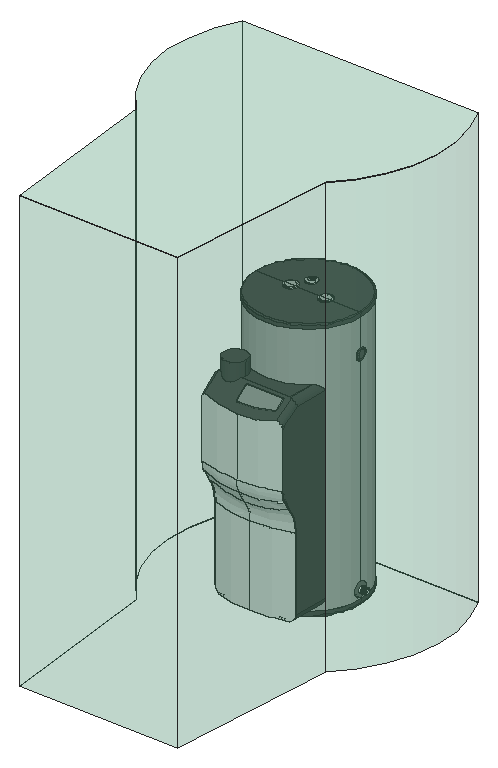
Revit family "Innovo BEFR_IR 20 160 BEFR NAT", category Mechanical Equipment, Revit 2015
Parameters (values of type "IR-20-160 BEFR NAT")
  largeur d'emballage = 786 mm  # constant formula
  l'Intervalle d'Entretien = "12 mois"  # constant formula
  Workspace Radius = Diameter + 170 mm  # 780 mm
  Workspace Height = Hauteur + 1000 mm  # 2545 mm
  Workspace Front Distance = 1000 mm
  Workspace [instance] = yes
  Valve Height 02 = if(and(Hauteur = 1745 mm, Diameter = 675 mm), 1518 mm, if(and(Hauteur = 1745 mm, Diameter = 610 mm), 1534 mm, if(Hauteur = 1545 mm, 1328 mm, 1070 mm)))  # 1328 mm
  Valve Height 01 = if(and(Diameter > 560 mm), 693 mm, 604 mm)  # 693 mm
  Valeur Maximale du Thermostat de Régulation = 85 °C  # constant formula
  Valeur Manimale du Thermostat de Régulation = 40 °C  # constant formula
  Valeur Défaut du Thermostat de Régulation = 65 °C  # constant formula
  URL = "www.aosmith.be"
  Type d'Installation = "B23/C13/C33/C43/C53/C63"  # constant formula
  Type d'emballage = "Carton et bois"  # constant formula
  Tension d'Alimentation (-15%, +10%) = 230 V  # constant formula
  Température Maximale des Fumées = 65 °C
  Temps de réchauffement à ΔT = 70°C = "31"
  Temps de réchauffement à ΔT = 55°C = "24"
  Temps de réchauffement à ΔT = 50°C = "22"
  Temps de réchauffement à ΔT = 44°C = "20"
  Temps de réchauffement à ΔT = 28°C = "13"
  Spécifications du Produit = ""
  Réglages du thermostat du chauffe-eau = 65 °C  # constant formula
  Réglage Standard Pour = "G31"
  Rendement Saisonnier (Hs) = [Rendement (Hs, acc. NEN-EN 89 - 1999)]  # 95
  Rendement (Hs, acc. NEN-EN 89 - 1999) = 95
  Rendement (Hi, acc. NEN-EN 89 - 1999) = 106
  Raccord Évacuation de la Condensation = 40 mm  # constant formula
  Raccord de la Soupape de Vidange = 1"
  Raccord de Sortie d'Eau Chaude = 1"
  Raccord de Gaz = 15"  # constant formula
  Raccord d'Alimentation en Eau Froide = 3/4"  # constant formula
  Raccord Robinet de Vidange = 3/4"  # constant formula
  Puissance Électrique Absorbée (sommet) = 105 W
  Puissance Électrique Absorbée (nominal) = 85 W
  Profondeur d'emballage = 946 mm  # constant formula
  Profondeur = 780 mm  # constant formula
  Profils de soutirage déclaré = "XXL"
  Production Nominale = "30100.0"
  Pression de Fonctionnement Maximale = 800000.0 Pa  # constant formula
  Pression Différentielle d'Ouverture de l'Interrupteur de Pression < = 210.0 Pa
  Pression Amont de Gaz = "3700 Pa"
  Precaustions during assembling, installation or maintenance = "voir Manuel d'installation, d'emploi er d'entretien"  # constant formula
  Poids à vide = 120 kg
  Poids de Transport = 136 kg
  Phase = 1
  Pertes en Veille - tous les jours (24h) = 0 W
  Pertes en Veille = 0 W
  Nombre de modèle du produit (EAN) = "8717449286262"
  Niveau du Son dB (A) = "<45"  # constant formula
  Niveau de puissance acoustique à l'intérieur = "58 dB"
  NOx-émissions mg/kWh = "37"
  NOx-émissions (ven air, 0% O2) ppm = "23"
  Modèdele = "IR-32-245"
  Model = "IR-32-325 FR LP"
  Marque commerciale = "A.O. Smith"  # constant formula
  Manufacturer = "A.O. Smith Water Products Company b.v."  # constant formula
  Largeur = Diameter  # 610 mm
  La commande intelligente = no
  L'efficacité énergétique pour le chauffage de l'eau (2) = "-"
  L'efficacité énergétique pour le chauffage de l'eau (1) = "92%"
  Hauteur du Raccordement au Gaz = 920 mm
  Hauteur de la Sortie d'eau Chaude = 1545 mm
  Hauteur de l'Alimentation en eau Froide = 170 mm
  Hauteur d'emballage = 1695 mm
  Hauteur Conduit d'Évacuation des Fumées = 1345 mm
  Hauteur Conduit d'Alimentation en Air = 1345 mm
  Hauteur = 1545 mm
  Guide de Produit = ""
  Garantie sur la Cuve = "36 mois"  # constant formula
  Garantie Pièces = "12 mois"  # constant formula
  Fréquence secteur = 50 Hz  # constant formula
  Forctionner qu'en heures creuses = no
  Fabricant No. = "E 7110"  # constant formula
  Epaisseur d'Isolation = 44 mm
  Débit de vidage à ΔT = 70°C après 90 min. = 710.0 L
  Débit de vidage à ΔT = 70°C après 60 min. = 520.0 L
  Débit de vidage à ΔT = 70°C après 30 min. = 330.0 L
  Débit de vidage à ΔT = 70°C après 120 min. = 900.0 L
  Débit de vidage à ΔT = 55°C après 90 min. = 930.0 L
  Débit de vidage à ΔT = 55°C après 60 min. = 690.0 L
  Débit de vidage à ΔT = 55°C après 30 min. = 440.0 L
  Débit de vidage à ΔT = 55°C après 120 min. = 1200.0 L
  Débit de vidage à ΔT = 50°C après 90 min. = 1100.0 L
  Débit de vidage à ΔT = 50°C après 60 min. = 760.0 L
  Débit de vidage à ΔT = 50°C après 30 min. = 500.0 L
  Débit de vidage à ΔT = 50°C après 120 min. = 1300.0 L
  Débit de vidage à ΔT = 44°C après 90 min. = 1200.0 L
  Débit de vidage à ΔT = 44°C après 60 min. = 870.0 L
  Débit de vidage à ΔT = 44°C après 30 min. = 570.0 L
  Débit de vidage à ΔT = 44°C après 120 min. = 1500.0 L
  Débit de vidage à ΔT = 28°C après 90 min. = 1900.0 L
  Débit de vidage à ΔT = 28°C après 60 min. = 1400.0 L
  Débit de vidage à ΔT = 28°C après 30 min. = 930.0 L
  Débit de vidage à ΔT = 28°C après 120 min. = 2400.0 L
  Débit de vidage en Continu à ΔT = 70°C = 380.0 L/s
  Débit de vidage en Continu à ΔT = 55°C = 480.0 L/s
  Débit de vidage en Continu à ΔT = 50°C = 530.0 L/s
  Débit de vidage en Continu à ΔT = 44°C = 600.0 L/s
  Débit de vidage en Continu à ΔT = 28°C = 960.0 L/s
  Diamètre Cheminée - Système Parallèle = "2x80"  # constant formula
  Diamètre Cheminée - Système Concentrique = "80/125 mm/mm"  # constant formula
  Diamètre Cheminée - Boiler = "80/125 mm/mm"  # constant formula
  Diameter = 610 mm
  Destination / Country = "Belgique"  # constant formula
  Description = "Préparateur ECS Solaire en Combinaison avec Réservoir de Stockage"  # constant formula
  D'autres profils de soutirage = "-"
  Created By = "http://www.cadcompany.nl/"
  Consommation de Gaz - Volume ltr/hr = "a/p"
  Consommation de Gaz - Masse kg/h = "2.3"
  Class d'efficacité énergétique (2) = "-"
  Class d'efficacité énergétique (1) = "A"  # constant formula
  Charge Nominale (Valeur Supérieure) = "31500.0"
  Charge Nominale (Valeur Inférieure) = "29000.0"
  Charge Maximale au Sol = 381 kg
  Catégorie de Gaz = "I3P"
  Capacité = 245.0 L
  CO2 Émissions (tol. +/- 1.0) vol% = "10.0"
  CE-PIN = "0063CQ3037"  # constant formula
  BIM Content Developer = "CAD & Company"  # constant formula
  Assembly Code = "D3010"
  Annual fuel consumption (2) = "-"
  Annual fuel consumption (1) = "21 GJ GCV"
  Annual electricity consumption (2) = "-"
  Annual electricity consumption (1) = "44 kWh"
  2ème Entretien (Entretien Général) = "12 mois après l'installation"  # constant formula
  1er Entretien (check-up) = "3 mois après l'installation"  # constant formula
Reference planes
  plane 1 "Center (Front/Back)": y = 0
  plane 2: z = 0
  plane 3 "Center (Left/Right)": x = 0
  plane 4 "Pipe": through (-383.901, 912.349, 194.799) normal (-0.0879, -0.0879, 0.9923)
  plane 5 "footing": y = 118.925
  plane 6 "footing front": y = -237.85
  plane 7: x = -305
  plane 8: x = 305
  plane 9: z = 1545
Forms (mm)
  Revolve 1, solid, material "RAL 9005", detail levels medium+fine
    sketch origin (0, -237.85, 0) x (-1, 0, 0) y (0, 0, 1)
      loop
        line (0, 28.9) -> (-15, 28.9) -> (-15, 26.4) -> (-8.671, 26.4) -> (-8.671, 18) -> (-5.686, 18) -> (-6.626, 17.06) -> (-6.626, 12.06) -> (-8.671, 12.06) -> (-8.671, 10) -> (-10.031, 10) -> (-23.271, 5.181)
        arc (-23.271, 5.181) -> (-23.763, 4.836) -> (-24.017, 4.293) r 1.159
        line (-24.017, 4.293) -> (-24.017, 1.03)
        arc (-24.017, 1.03) -> (-23.715, 0.302) -> (-22.986, 0) r 1.03
        line (-22.986, 0) -> (0, 0) -> (0, 28.9)
      axis (0, 28.9) -> (0, 0)
    angle from 0 to 360
  Revolve 2, solid, material "RAL 9005", detail levels medium+fine
    sketch origin (0, 118.925, 0) x (-1, 0, 0) y (0, 0, 1)
      loop
        line (-205.984, 28.9) -> (-220.984, 28.9) -> (-220.984, 26.4) -> (-214.655, 26.4) -> (-214.655, 18) -> (-211.67, 18) -> (-212.61, 17.06) -> (-212.61, 12.06) -> (-214.655, 12.06) -> (-214.655, 10) -> (-216.015, 10) -> (-229.256, 5.181)
        arc (-229.256, 5.181) -> (-229.747, 4.836) -> (-230.001, 4.293) r 1.159
        line (-230.001, 4.293) -> (-230.001, 1.03)
        arc (-230.001, 1.03) -> (-229.699, 0.302) -> (-228.971, 0) r 1.03
        line (-228.971, 0) -> (-205.984, 0) -> (-205.984, 28.9)
      axis (-205.984, 28.9) -> (-205.984, 0)
    angle from 0 to 360
  Revolve 3, solid, material "RAL 9005", detail levels medium+fine
    sketch origin (0, 118.925, 0) x (-1, 0, 0) y (0, 0, 1)
      loop
        line (204.016, 28.9) -> (189.016, 28.9) -> (189.016, 26.4) -> (195.345, 26.4) -> (195.345, 18) -> (198.33, 18) -> (197.39, 17.06) -> (197.39, 12.06) -> (195.345, 12.06) -> (195.345, 10) -> (193.985, 10) -> (180.744, 5.181)
        arc (180.744, 5.181) -> (180.253, 4.836) -> (179.999, 4.293) r 1.159
        line (179.999, 4.293) -> (179.999, 1.03)
        arc (179.999, 1.03) -> (180.301, 0.302) -> (181.029, 0) r 1.03
        line (181.029, 0) -> (204.016, 0) -> (204.016, 28.9)
      axis (204.016, 28.9) -> (204.016, 0)
    angle from 0 to 360
Lines and regions (mm)
  symbolic lines
    curve 1: line (0, 280.06, 0) -> (0, -280.06, 0)
    curve 2: line (-280.06, 0, 0) -> (280.06, 0, 0)
  symbolic lines, style "Workspace"
    curve 3: line (681.142, 380.06, 0) -> (-681.142, 380.06, 0)
    curve 4: arc (-681.142, 380.06, 0) -> (-777.325, -64.546, 0) -> (-609.127, -487.2, 0) r 780
    curve 5: line (-609.127, -487.2, 0) -> (-421.783, -1517.825, 0)
    curve 6: line (-421.783, -1517.825, 0) -> (424.03, -1517.825, 0)
    curve 7: line (424.03, -1517.825, 0) -> (611.027, -484.816, 0)
    curve 8: arc (611.027, -484.816, 0) -> (777.449, -63.027, 0) -> (681.142, 380.06, 0) r 780
Dimensions and locks
  plane 5 "footing" to plane 1 "Center (Front/Back)" = 118.925 mm
  plane 1 "Center (Front/Back)" to plane 6 "footing front" = 237.85 mm
  "Diameter": plane 7 to plane 8
  equal spacing: plane 7, plane 3 "Center (Left/Right)", plane 8
  "Hauteur": plane 9 to plane 2
  "Workspace Front Distance": curve 6 to nested 3
  "Workspace Radius": radius of curve 4
  "Workspace Radius": radius of curve 8
  aligned and locked: level to plane 2
  aligned and locked: nested 3 to Revolve 1 sketch curve
  aligned and locked: plane 3 "Center (Left/Right)" to Revolve 1 sketch curve
  aligned and locked: nested 3 to plane 1 "Center (Front/Back)"
  aligned and locked: plane 3 "Center (Left/Right)" to nested 3
  aligned and locked: nested 1 to plane 8
  aligned and locked: nested 5 to plane 8
  aligned and locked: nested 2 to plane 7
  aligned and locked: nested 4 to plane 7
  aligned and locked: nested 7 to plane 7
  aligned and locked: nested 8 to plane 3 "Center (Left/Right)"
  aligned and locked: plane 1 "Center (Front/Back)" to nested 8
  aligned and locked: nested 8 to nested 3
  aligned and locked: curve 3 to nested 8
Automatic sketch dimensions
  Revolve 1 sketch curve to level = 0 mm
  plane 3 "Center (Left/Right)" to Revolve 1 sketch curve = 5.686 mm
  Revolve 1 sketch curve to Revolve 1 sketch curve = 0.94 mm  (x2)
  Revolve 1 sketch curve to Revolve 1 sketch curve = 2.046 mm  (x2)
  Revolve 1 sketch curve to Revolve 1 sketch curve = 1.359 mm
  Revolve 1 sketch curve to Revolve 1 sketch curve = 6.329 mm
  level to Revolve 1 sketch curve = 4.091 mm
  Revolve 1 sketch curve to Revolve 1 sketch curve = 12.844 mm
  level to Revolve 1 sketch curve = 1.03 mm
  Revolve 1 sketch curve to Revolve 1 sketch curve = 0.111 mm
  level to Revolve 1 sketch curve = 5.181 mm
  Revolve 1 sketch curve to Revolve 1 sketch curve = 0.745 mm
  level to Revolve 1 sketch curve = 10 mm
  Revolve 1 sketch curve to Revolve 1 sketch curve = 2.06 mm
  Revolve 1 sketch curve to Revolve 1 sketch curve = 5 mm
  Revolve 1 sketch curve to Revolve 1 sketch curve = 8.4 mm
  Revolve 1 sketch curve to Revolve 1 sketch curve = 2.5 mm
  Revolve 1 sketch curve to level = 19.635 mm
  Revolve 1 sketch curve to Revolve 1 sketch curve = 46.465 mm
  Revolve 2 sketch curve to level = 0 mm
  level to Revolve 2 sketch curve = 1.03 mm
  Revolve 2 sketch curve to plane 8 = 74.999 mm
  level to Revolve 2 sketch curve = 5.181 mm
  Revolve 2 sketch curve to Revolve 2 sketch curve = 0.745 mm
  Revolve 2 sketch curve to Revolve 2 sketch curve = 0.397 mm
  Revolve 2 sketch curve to Revolve 2 sketch curve = 8.271 mm
  Revolve 2 sketch curve to Revolve 2 sketch curve = 13.241 mm
  Revolve 2 sketch curve to Revolve 2 sketch curve = 1.359 mm
  Revolve 2 sketch curve to Revolve 2 sketch curve = 6.329 mm
  Revolve 2 sketch curve to Revolve 2 sketch curve = 2.046 mm
  level to Revolve 2 sketch curve = 18 mm
  Revolve 2 sketch curve to Revolve 2 sketch curve = 0.94 mm  (x2)
  Revolve 2 sketch curve to Revolve 2 sketch curve = 8.671 mm
  Revolve 2 sketch curve to Revolve 2 sketch curve = 1.089 mm
  Revolve 2 sketch curve to Revolve 2 sketch curve = 8 mm
  Revolve 2 sketch curve to Revolve 2 sketch curve = 2.06 mm
  Revolve 2 sketch curve to Revolve 2 sketch curve = 8.4 mm
  Revolve 2 sketch curve to Revolve 2 sketch curve = 2.5 mm
  Revolve 2 sketch curve to Revolve 2 sketch curve = 0 mm
  Revolve 2 sketch curve to level = 19.635 mm
  Revolve 2 sketch curve to Revolve 2 sketch curve = 46.465 mm
  Revolve 3 sketch curve to level = 0 mm
  level to Revolve 3 sketch curve = 1.03 mm
  Revolve 3 sketch curve to plane 7 = 125.001 mm
  level to Revolve 3 sketch curve = 5.181 mm
  Revolve 3 sketch curve to Revolve 3 sketch curve = 0.745 mm
  Revolve 3 sketch curve to Revolve 3 sketch curve = 0.397 mm
  Revolve 3 sketch curve to Revolve 3 sketch curve = 8.271 mm
  Revolve 3 sketch curve to Revolve 3 sketch curve = 13.241 mm
  Revolve 3 sketch curve to Revolve 3 sketch curve = 1.359 mm
  Revolve 3 sketch curve to Revolve 3 sketch curve = 6.329 mm
  Revolve 3 sketch curve to Revolve 3 sketch curve = 2.046 mm
  level to Revolve 3 sketch curve = 18 mm
  Revolve 3 sketch curve to Revolve 3 sketch curve = 0.94 mm  (x2)
  Revolve 3 sketch curve to Revolve 3 sketch curve = 8.671 mm
  Revolve 3 sketch curve to Revolve 3 sketch curve = 1.089 mm
  Revolve 3 sketch curve to Revolve 3 sketch curve = 8 mm
  Revolve 3 sketch curve to Revolve 3 sketch curve = 2.06 mm
  Revolve 3 sketch curve to Revolve 3 sketch curve = 8.4 mm
  Revolve 3 sketch curve to Revolve 3 sketch curve = 2.5 mm
  Revolve 3 sketch curve to Revolve 3 sketch curve = 0 mm
  Revolve 3 sketch curve to level = 19.635 mm
  Revolve 3 sketch curve to Revolve 3 sketch curve = 46.465 mm
  curve 4 to curve 8 = 0 mm  (x2)
  plane 1 "Center (Front/Back)" to curve 2 = 0 mm
  curve 1 to plane 3 "Center (Left/Right)" = 0 mm
  plane 1 "Center (Front/Back)" to curve 4 = 0 mm
  curve 4 to plane 3 "Center (Left/Right)" = 0 mm
  curve 5 to plane 6 "footing front" = 249.35 mm
  plane 7 to curve 5 = 116.783 mm
  plane 8 to curve 7 = 119.03 mm
  curve 7 to plane 6 "footing front" = 246.966 mm
  curve 2 to plane 7 = 24.94 mm
  curve 2 to plane 8 = 24.94 mm
  curve 1 to plane 6 "footing front" = 42.21 mm
  plane 5 "footing" to curve 1 = 161.135 mm
Nested families
  nested 1: "Valve" at (305, -0.38, 1328) x (0, 1, 0) z (0, 0, 1), built-in parameter 1001364 <- "Valve Height 02", type "Valve"
  nested 2: "Drain Valve" at (-305, 0, 1328), built-in parameter 1001364 <- "Valve Height 02", type "Drain Valve"
  nested 3: "Housing Mother Housing S 57 (external)" at (0, -299.886, 0), type "Housing Mother_Housing S_57"
    with radius 305 mm, distance to boiler center 154 mm, diameter 610 mm
  nested 4: "Drain Valve" at (-305, 0, 177), type "Drain Valve"
  nested 5: "Drain Valve" at (305, 0, 107) x (-1, 0, 0) z (0, 0, 1), type "Drain Valve"
  nested 6: "Boiler" at (0, 0, 0), height <- "Hauteur", type "Boiler"
    with height 1545 mm, radius 305 mm, Diameter 610 mm
  nested 7: "Drain Valve" at (-305, 0, 693), built-in parameter 1001364 <- "Valve Height 01", type "Drain Valve"
  nested 8: "Innovo_workspace" at (0, 0, 0), Workspace <- "Workspace", Workspace Distance Front <- "Workspace Front Distance", Workspace Height <- "Workspace Height", Workspace Radius <- "Workspace Radius", type "Workspace"
    with Workspace Radius 780 mm, Workspace Height 2545 mm, Workspace Distance Front 1000 mm, Workspace yes, Center to Front 517.825 mm
Connectors
  piping at (339.826, 0, 107), diameter 19.05, driven by "Raccord Robinet de Vidange"
    settings: on nested 5, index 1, connector inside diameter 24", connector length 0 mm, flow factor 0, pipe flow 0.0 L/s, pressure drop 0.0 Pa, fitting loss kfactor 0, connector angle 0.00°, fixture units 0, engagement length 0 mm, angle of deflection 0.00°, flow configuration 0, flow direction 0, fitting loss method 0, system type 19, joint type 0, gender type 0, connector reference index -1, connector utility 0, adjustable connector no, is connector primary yes, connector description ""
  hvac at (-147.013, -346.326, 1310.674)
    settings: on nested 3, index 2, duct flow 0.0 L/s, flow factor 0, pres drop 0.0 Pa, loss coef 0, conn angle 0.00°, conn width 304.8 mm, conn height 304.8 mm, conn diameter 125 mm, duct sys type 4, conn prof type 0, flow config 0, flow direction 0, loss method 0, conn ref index -1, conn util no, is conn primary yes, conn desc ""
Definition of nested family "Valve"
  Parameters (values of type "Valve")
    Type Comments = "T&P valve (internal)"
    Manufacturer = "A.O. Smith"
  Reference planes
    plane 1 "Center (Front/Back)": y = 0
    plane 2: z = 0
    plane 3 "Center (Left/Right)": x = 0
  Forms (mm)
    Extrusion 1, solid, detail levels fine
      sketch origin (0, 0, 0) x (1, 0, 0) y (0, 0, 1)
        loop
          circle (0, 0) r 31.5
      from -2.271 to 1.4
    Sweep 2, solid, detail levels fine
      path origin (0, -1.4, 0) x (1, 0, 0) y (0, 0, 1)
        loop
          circle (0, 0) r 31.5
      profile origin (0, -1.4, 31.5) x (0, 0, -1) y (0, -1, 0)
        loop
          line (7.3, 0) -> (7.3, 3) -> (0, 0) -> (7.3, 0)
  Dimensions and locks
    aligned and locked: level to plane 2
Definition of nested family "Drain Valve"
  Reference planes
    plane 1 "Center (Front/Back)": y = 0
    plane 2: z = 0
    plane 3 "Center (Left/Right)": x = 0
  Forms (mm)
    Revolve 1, solid, detail levels medium+fine
      sketch origin (0, 0, 0) x (1, 0, 0) y (0, 0, 1)
        loop
          line (-33.442, 15.696) -> (-34.826, 14.329) -> (-34.93, 12.731) -> (-16.555, 12.731) -> (-16.555, 0) -> (15.787, 0) -> (15.787, 18.3) -> (-14.4, 18.3) -> (-17.148, 15.533) -> (-18.729, 16.697) -> (-20.091, 15.333) -> (-21.672, 16.496) -> (-23.034, 15.133) -> (-24.614, 16.296) -> (-25.976, 14.932) -> (-27.557, 16.096) -> (-28.919, 14.732) -> (-30.5, 15.896) -> (-31.862, 14.532) -> (-33.442, 15.696)
        axis (-34.93, 0) -> (15.787, 0)
      angle from 0 to 360
  Dimensions and locks
    aligned and locked: level to plane 2
  Nested families
    nested 1: "Rubber sealing" at (2.592, -0.155, 0) x (0.0023, -1, 0) z (0, 0, 1), type "Rubber sealing", detail levels fine
  Definition of nested family "Rubber sealing"
    Reference planes
      plane 1 "Center (Front/Back)": y = 0
      plane 2: z = 0
      plane 3 "Center (Left/Right)": x = 0
    Forms (mm)
      Extrusion 1, solid, detail levels fine
        sketch origin (141.861, 319.581, 0) x (1, 0, 0) y (0, 1, 0)
          loop
            line (-216.354, -311.898) -> (-216.354, -313.94)
            arc (-216.354, -313.94) -> (-141.602, -321.581) -> (-66.861, -313.835) r 366.966
            line (-66.861, -313.835) -> (-66.861, -311.791)
            arc (-66.861, -311.791) -> (-141.602, -319.581) -> (-216.354, -311.898) r 364.966
        from -80 to 80
      Extrusion 2, void
        sketch origin (141.861, 319.581, 0) x (1, 0, 0) y (0, 0, 1)
          loop
            circle (-141.861, 0) r 13
          loop
            circle (-141.861, 0) r 110
          loop
            circle (-141.861, 0) r 40
        from 311.563 to 332.684
      Extrusion 3, void
        sketch origin (141.861, 319.581, 0) x (1, 0, 0) y (0, 0, 1)
          loop
            circle (-141.861, 0) r 18.25
        from 315.524 to 326.084
    Cuts and joins
      Extrusion 2, Extrusion 3 cuts Extrusion 1
    Dimensions and locks
      aligned and locked: level to plane 2
Definition of nested family "Housing Mother Housing S 57 (external)"
  Parameters (values of type "Housing Mother_Housing S_57")
    radius [instance] = 280 mm
    distance to boiler center = if(diameter = 675 mm, 189 mm, if(diameter = 610 mm, 154 mm, 129 mm))  # 129 mm
    diameter = 560 mm
  Reference planes
    plane 1 "Center (Front/Back)": y = 0
    plane 2: z = 0
    plane 3 "Center (Left/Right)": x = 0
    plane 4 "left": through (-245.286, 145.886, 1200) normal (0.9994, 0.0349, 0)
    plane 5: y = -217.939
    plane 6: y = 145.886
    plane 7: z = 1232.6
    plane 8: z = 65.89
    plane 9 "right": through (245.286, 145.886, 1200) normal (0.9994, -0.0349, 0)
    plane 10 "display": through (0, -90.37, 1221.196) normal (0, -0.5736, 0.8192)
    plane 11 "Potentiostat": z = 867.899
    plane 12 "boiler center": y = 274.886
    plane 13: x = -280
    plane 14: x = 280
  Forms (mm)
    Extrusion 1, solid
      sketch origin (0, 0, 0) x (1, 0, 0) y (0, 1, 0)
        loop
          line (-245.286, 145.886) -> (-232.581, -217.939) -> (232.581, -217.939) -> (245.286, 145.886)
          arc (245.286, 145.886) -> (0, 0.923) -> (-245.286, 145.886) r 280
      from 0 to 1232.6
    Sweep 2, void
      path origin (0, 0, 0) x (0, 1, 0) y (0, 0, 1)
        loop
          line (-217.939, 1232.6) -> (-217.939, 795.555)
          arc (-217.939, 795.555) -> (-212.387, 754.285) -> (-197.694, 715.322) r 183.924
          arc (-197.694, 715.322) -> (-179.915, 684.628) -> (-159.106, 655.901) r 348.284
          arc (-159.106, 655.901) -> (-131.411, 600.328) -> (-121.88, 538.973) r 202.254
          line (-121.88, 538.973) -> (-121.88, 61.106)
      profile origin (0, -217.939, 1014.077) x (1, 0, 0) y (0, 1, 0)
        loop
          arc (0, 0) -> (-117.533, 9.941) -> (-231.728, 39.475) r 699.984
          arc (-231.728, 39.475) -> (-233.391, 40.705) -> (-234.07, 42.659) r 3.505
          line (-234.07, 42.659) -> (-254.062, 42.659) -> (-254.062, -142.593) -> (254.07, -142.593) -> (254.07, 42.659) -> (234.07, 42.659)
          arc (234.07, 42.659) -> (233.391, 40.705) -> (231.728, 39.475) r 3.505
          arc (231.728, 39.475) -> (117.533, 9.941) -> (0, 0) r 699.984
    Extrusion 3, void
      sketch origin (0, 0, 0) x (0, 1, 0) y (0, 0, 1)
        loop
          arc (102.864, 70.869) -> (99.804, 70.709) -> (96.874, 69.813) r 12.57
          arc (96.874, 69.813) -> (87.878, 66.533) -> (78.516, 64.529) r 69.114
          arc (78.516, 64.529) -> (76.41, 64.284) -> (74.294, 64.148) r 41.206
          arc (74.294, 64.148) -> (65.203, 64.335) -> (56.122, 64.782) r 318.661
          arc (56.122, 64.782) -> (30.585, 66.179) -> (5.028, 67.128) r 1456.581
          line (5.028, 67.128) -> (-84.534, 73.135)
          arc (-84.534, 73.135) -> (-86.363, 73.808) -> (-87.536, 75.365) r 3.455
          line (-87.536, 75.365) -> (-264.473, 75.365) -> (-264.473, 0) -> (160.886, 0) -> (160.886, 103.945) -> (145.886, 103.945)
          arc (145.886, 103.945) -> (145.104, 97.827) -> (142.923, 92.059) r 26.364
          arc (142.923, 92.059) -> (141.067, 88.936) -> (138.867, 86.045) r 31.715
          arc (138.867, 86.045) -> (135.576, 82.49) -> (132.021, 79.2) r 62.615
          arc (132.021, 79.2) -> (125.841, 74.697) -> (119.091, 71.103) r 54.444
          arc (119.091, 71.103) -> (116.371, 70.272) -> (113.531, 70.123) r 11.669
          line (113.531, 70.123) -> (102.864, 70.869)
      from -254.062 to 254.07
    Sweep 4, void
      path origin (0, 0, 0) x (1, 0, 0) y (0, 1, 0)
        loop
          line (-245.286, 145.886) -> (-232.581, -217.939)
      profile origin (-238.933, -36.027, 0) x (0.999391, 0.034899, 0) y (0, 0, 1)
        loop
          line (-4.454, 0) -> (47.084, 0) -> (47.084, 73.431)
          arc (47.084, 73.431) -> (14.222, 85.134) -> (0.255, 117.1) r 43.922
          line (0.255, 117.1) -> (-4.454, 117.1) -> (-4.454, 0)
    Sweep 5, void
      path origin (0, 0, 0) x (-1, 0, 0) y (0, 1, 0)
        loop
          line (-245.286, 145.886) -> (-232.581, -217.939)
      profile origin (238.933, -36.027, 0) x (0.999391, -0.034899, 0) y (0, 0, 1)
        loop
          line (4.454, 0) -> (4.454, 117.1) -> (-0.255, 117.1)
          arc (-0.255, 117.1) -> (-14.222, 85.134) -> (-47.084, 73.431) r 43.922
          line (-47.084, 73.431) -> (-47.084, 0) -> (4.454, 0)
    Sweep 6, void
      path origin (-239.899, -8.377, 0) x (-0.034899, 0.999391, 0) y (0, 0, 1)
        loop
          line (-209.69, 1141.272) -> (-79.18, 1232.6) -> (154.358, 1232.6)
      profile origin (-241.211, 29.188, 1232.6) x (0, 0, 1) y (0.999391, 0.034899, 0)
        loop
          line (-45, -30) -> (75, -30) -> (75, 0) -> (75, 55) -> (2.799, 55) -> (-1.253, 35.128)
          arc (-1.253, 35.128) -> (-16.771, 9.564) -> (-45, -0.308) r 44.287
          line (-45, -0.308) -> (-45, -30)
    Sweep 7, void
      path origin (239.899, -8.377, 0) x (0.034899, 0.999391, 0) y (0, 0, 1)
        loop
          line (-209.69, 1141.272) -> (-79.18, 1232.6) -> (154.358, 1232.6)
      profile origin (241.211, 29.188, 1232.6) x (0, 0, -1) y (-0.999391, 0.034899, 0)
        loop
          line (-75, -25) -> (45, -25) -> (45, -0.308)
          arc (45, -0.308) -> (16.771, 9.564) -> (1.253, 35.128) r 44.287
          line (1.253, 35.128) -> (-2.799, 55) -> (-75, 55) -> (-75, -25)
    Extrusion 8, void
      sketch origin (0, 0, 0) x (0, 1, 0) y (0, 0, 1)
        loop
          line (-270, 1336.099) -> (-270, 1099.081) -> (68.497, 1336.099) -> (-270, 1336.099)
      from -425.038 to 444.42
    Extrusion 9, solid, detail levels medium+fine
      sketch origin (0, 0, 0) x (1, 0, 0) y (0, 1, 0)
        loop
          circle (-147.013, -46.44) r 65
      from 1163.174 to 1310.674
    Extrusion 10, void
      sketch origin (0, -603.506, 861.895) x (0, 0.819152, 0.573576) y (-1, 0, 0)
        loop
          arc (618.322, -173) -> (623.272, -170.95) -> (625.322, -166) r 7
          line (625.322, -166) -> (625.322, 35)
          arc (625.322, 35) -> (623.272, 39.95) -> (618.322, 42) r 7
          line (618.322, 42) -> (535.473, 42)
          arc (535.473, 42) -> (530.688, 40.11) -> (528.488, 35.46) r 7
          arc (528.488, 35.46) -> (531.569, -67.592) -> (554.18, -168.18) r 540
          arc (554.18, -168.18) -> (556.724, -171.668) -> (560.831, -173) r 7
          line (560.831, -173) -> (618.322, -173)
      from 0 to 137.286
    Sweep 11, solid, detail levels fine
      path origin (0, 0, 867.899) x (-1, 0, 0) y (0, -1, 0)
        loop
          line (309.749, -35.617) -> (204.371, -35.617)
          arc (204.371, -35.617) -> (196.509, -34.687) -> (189.082, -31.947) r 33.677
          line (189.082, -31.947) -> (-9.574, 69.274)
      profile origin (-257.06, 35.617, 867.899) x (0, 1, 0) y (0, 0, 1)
        loop
          circle (0, 0) r 7.316
        loop
          circle (0, 0) r 6.465
    Revolve 12, void
      sketch origin (0, 274.886, 0) x (-1, 0, 0) y (0, 0, 1)
        loop
          line (280, 1243.838) -> (0, 1243.838) -> (0, 54.9) -> (280, 54.9) -> (280, 1243.838)
        axis (0, 1243.838) -> (0, 54.9)
      angle from 0 to 360
  Cuts and joins
    Sweep 2, Extrusion 3, Sweep 4, Sweep 5, Sweep 6, Sweep 7, Extrusion 8, Extrusion 10, Revolve 12 cuts Extrusion 1
  Dimensions and locks
    plane 8 to plane 2 = 65.89 mm
    plane 7 to plane 8 = 1166.71 mm
    "distance to boiler center": plane 12 "boiler center" to plane 6
    "diameter": plane 14 to plane 13
    equal spacing: plane 14, plane 3 "Center (Left/Right)", plane 13
    "radius": plane 3 "Center (Left/Right)" to plane 13
    aligned and locked: level to plane 2
    aligned and locked: Extrusion 1 to plane 7
    aligned and locked: Extrusion 1 sketch curve to plane 5
    aligned and locked: Sweep 2 to Extrusion 3
    aligned and locked: Extrusion 3 to Sweep 2  (x2)
    aligned and locked: plane 7 to Sweep 2 sketch curve
    aligned and locked: plane 3 "Center (Left/Right)" to Revolve 12 sketch curve
    aligned and locked: Revolve 12 sketch curve to plane 3 "Center (Left/Right)"
    aligned and locked: plane 13 to Revolve 12 sketch curve
  Automatic sketch dimensions
    Extrusion 1 sketch curve to plane 4 "left" = 0 mm  (x2)
    Extrusion 1 sketch curve to plane 6 = 0 mm  (x2)
    Extrusion 1 sketch curve to plane 3 "Center (Left/Right)" = 0 mm
    Extrusion 1 sketch curve to plane 9 "right" = 0 mm
    plane 6 to Extrusion 1 sketch curve = 135.037 mm
    Sweep 2 sketch curve to plane 5 = 0 mm
    plane 5 to Sweep 2 sketch curve = 106.195 mm
    Sweep 2 sketch curve to plane 5 = 96.059 mm
    plane 1 "Center (Front/Back)" to Sweep 2 sketch curve = 34.053 mm
    plane 11 "Potentiostat" to Sweep 2 sketch curve = 6.417 mm
    Sweep 2 sketch curve to plane 6 = 33.705 mm
    Sweep 2 sketch curve to plane 11 "Potentiostat" = 68.615 mm
    Sweep 2 sketch curve to plane 11 "Potentiostat" = 72.345 mm
    Sweep 2 sketch curve to Sweep 2 sketch curve = 176.349 mm
    Sweep 2 sketch curve to Sweep 2 sketch curve = 0 mm  (x2)
    plane 8 to Sweep 2 sketch curve = 4.784 mm
    Extrusion 3 sketch curve to level = 0 mm
    Extrusion 3 sketch curve to plane 6 = 0 mm
    Extrusion 3 sketch curve to plane 6 = 26.363 mm
    Extrusion 3 sketch curve to Extrusion 3 sketch curve = 4.75 mm
    Extrusion 3 sketch curve to Extrusion 3 sketch curve = 5.179 mm
    Extrusion 3 sketch curve to plane 8 = 4.232 mm
    Extrusion 3 sketch curve to Extrusion 3 sketch curve = 0.814 mm
    Extrusion 3 sketch curve to plane 8 = 4.978 mm
    Extrusion 3 sketch curve to Extrusion 3 sketch curve = 10.667 mm
    Extrusion 3 sketch curve to Extrusion 3 sketch curve = 0.877 mm
    Extrusion 3 sketch curve to Extrusion 3 sketch curve = 17.827 mm
    Extrusion 3 sketch curve to Extrusion 3 sketch curve = 5.646 mm
    Extrusion 3 sketch curve to plane 6 = 69.562 mm
    Extrusion 3 sketch curve to Extrusion 3 sketch curve = 18.6 mm
    Extrusion 3 sketch curve to Extrusion 3 sketch curve = 22.538 mm
    Extrusion 3 sketch curve to plane 8 = 1.238 mm
    Extrusion 3 sketch curve to plane 1 "Center (Front/Back)" = 5.028 mm
    plane 1 "Center (Front/Back)" to Extrusion 3 sketch curve = 36.224 mm
    Extrusion 3 sketch curve to plane 8 = 10.692 mm
    plane 1 "Center (Front/Back)" to Extrusion 3 sketch curve = 84.302 mm
    Extrusion 3 sketch curve to plane 8 = 7.244 mm
    Extrusion 3 sketch curve to Extrusion 3 sketch curve = 0.231 mm
    Extrusion 3 sketch curve to Extrusion 3 sketch curve = 3.234 mm
    plane 5 to Extrusion 3 sketch curve = 46.534 mm
    plane 6 to Extrusion 3 sketch curve = 15 mm
    Extrusion 3 sketch curve to level = 1388.869 mm
    plane 8 to Extrusion 3 sketch curve = 7.561 mm
    Extrusion 3 sketch curve to Extrusion 3 sketch curve = 11.64 mm
    Extrusion 3 sketch curve to plane 8 = 38.054 mm
    Extrusion 3 sketch curve to Extrusion 3 sketch curve = 22.442 mm
    Extrusion 3 sketch curve to plane 8 = 39.432 mm
    Extrusion 3 sketch curve to Extrusion 3 sketch curve = 2.466 mm
    Extrusion 3 sketch curve to Extrusion 3 sketch curve = 14.17 mm
    Extrusion 3 sketch curve to Extrusion 3 sketch curve = 5.925 mm
    Extrusion 3 sketch curve to Extrusion 3 sketch curve = 6.186 mm
    Extrusion 3 sketch curve to Extrusion 3 sketch curve = 249.85 mm
    Extrusion 3 sketch curve to Extrusion 3 sketch curve = 0 mm  (x4)
    Extrusion 3 sketch curve to Extrusion 3 sketch curve = 6.845 mm
    plane 8 to Extrusion 3 sketch curve = 1.743 mm
    Sweep 4 sketch curve to plane 4 "left" = 0 mm  (x2)
    Sweep 4 sketch curve to plane 6 = 0 mm
    plane 5 to Sweep 4 sketch curve = 0 mm
    Sweep 4 sketch curve to level = 0 mm
    profile plane to Sweep 4 sketch curve = 4.454 mm
    Sweep 4 sketch curve to profile plane = 0.255 mm
    Sweep 4 sketch curve to Sweep 4 sketch curve = 43.922 mm
    Sweep 4 sketch curve to profile plane = 47.084 mm
    level to Sweep 4 sketch curve = 73.431 mm
    Sweep 4 sketch curve to Sweep 4 sketch curve = 43.669 mm
    Sweep 5 sketch curve to plane 6 = 0 mm
    Sweep 5 sketch curve to plane 9 "right" = 0 mm  (x2)
    plane 5 to Sweep 5 sketch curve = 0 mm
    Sweep 5 sketch curve to level = 0 mm
    profile plane to Sweep 5 sketch curve = 47.084 mm
    Sweep 5 sketch curve to Sweep 5 sketch curve = 2.907 mm
    profile plane to Sweep 5 sketch curve = 0.255 mm
    Sweep 5 sketch curve to profile plane = 4.454 mm
    level to Sweep 5 sketch curve = 73.431 mm
    Sweep 5 sketch curve to Sweep 5 sketch curve = 43.669 mm
    Sweep 6 sketch curve to plane 7 = 0 mm
    plane 7 to Sweep 6 sketch curve = 91.328 mm
    Sweep 6 sketch curve to Sweep 6 sketch curve = 130.509 mm
    Sweep 6 sketch curve to Sweep 6 sketch curve = 233.538 mm
    Sweep 6 sketch curve to plane 4 "left" = 0 mm
    profile plane to Sweep 6 sketch curve = 45 mm
    Sweep 6 sketch curve to Sweep 6 sketch curve = 0.354 mm
    profile plane to Sweep 6 sketch curve = 1.253 mm
    Sweep 6 sketch curve to profile plane = 2.799 mm
    Sweep 6 sketch curve to Sweep 6 sketch curve = 72.201 mm
    Sweep 6 sketch curve to plane 4 "left" = 0.308 mm
    Sweep 6 sketch curve to Sweep 6 sketch curve = 29.692 mm
    plane 4 "left" to Sweep 6 sketch curve = 35.128 mm
    plane 4 "left" to Sweep 6 sketch curve = 55 mm
    Sweep 7 sketch curve to plane 7 = 0 mm
    Sweep 7 sketch curve to plane 7 = 91.328 mm
    Sweep 7 sketch curve to Sweep 7 sketch curve = 130.509 mm
    Sweep 7 sketch curve to Sweep 7 sketch curve = 233.538 mm
    Sweep 7 sketch curve to plane 9 "right" = 25 mm
    profile plane to Sweep 7 sketch curve = 75 mm
    profile plane to Sweep 7 sketch curve = 2.799 mm
    Sweep 7 sketch curve to profile plane = 1.253 mm
    Sweep 7 sketch curve to Sweep 7 sketch curve = 43.393 mm
    Sweep 7 sketch curve to profile plane = 45 mm
    Sweep 7 sketch curve to plane 9 "right" = 0.308 mm
    plane 9 "right" to Sweep 7 sketch curve = 35.128 mm
    Sweep 7 sketch curve to Sweep 7 sketch curve = 19.872 mm
    plane 5 to Extrusion 8 sketch curve = 52.061 mm
    Extrusion 8 sketch curve to plane 1 "Center (Front/Back)" = 68.497 mm
    plane 7 to Extrusion 8 sketch curve = 133.519 mm
    Extrusion 8 sketch curve to plane 7 = 103.499 mm
    plane 1 "Center (Front/Back)" to Extrusion 9 sketch curve = 46.44 mm
    Extrusion 9 sketch curve to plane 3 "Center (Left/Right)" = 147.013 mm
    Extrusion 10 sketch curve to plane 3 "Center (Left/Right)" = 0 mm
    Extrusion 10 sketch curve to plane 3 "Center (Left/Right)" = 35 mm
    Extrusion 10 sketch curve to Extrusion 10 sketch curve = 25.359 mm
    Extrusion 10 sketch curve to Extrusion 10 sketch curve = 57.491 mm
    Extrusion 10 sketch curve to plane 3 "Center (Left/Right)" = 42 mm
    Extrusion 10 sketch curve to Extrusion 10 sketch curve = 82.85 mm
    Extrusion 10 sketch curve to Extrusion 10 sketch curve = 7 mm
    Extrusion 10 sketch curve to Extrusion 10 sketch curve = 442 mm
    plane 3 "Center (Left/Right)" to Extrusion 10 sketch curve = 166 mm
    Extrusion 10 sketch curve to Extrusion 10 sketch curve = 0 mm  (x2)
    Sweep 11 sketch curve to plane 1 "Center (Front/Back)" = 31.947 mm
    Sweep 11 sketch curve to plane 3 "Center (Left/Right)" = 189.082 mm
    Sweep 11 sketch curve to plane 1 "Center (Front/Back)" = 1.94 mm
    Sweep 11 sketch curve to Sweep 11 sketch curve = 15.289 mm
    plane 3 "Center (Left/Right)" to Sweep 11 sketch curve = 9.574 mm
    Sweep 11 sketch curve to Sweep 11 sketch curve = 105.378 mm
    plane 1 "Center (Front/Back)" to Sweep 11 sketch curve = 69.274 mm
    Sweep 11 sketch curve to Sweep 11 sketch curve = 0 mm  (x2)
    Sweep 11 sketch curve to plane 11 "Potentiostat" = 0 mm
    Sweep 11 sketch curve to profile plane = 0 mm
    plane 8 to Revolve 12 sketch curve = 10.99 mm
    Revolve 12 sketch curve to plane 7 = 11.238 mm
    Revolve 12 sketch curve to level = 366.045 mm
    Revolve 12 sketch curve to Revolve 12 sketch curve = 971.917 mm
    Sweep 2 sketch curve to plane 3 "Center (Left/Right)" = 0 mm
    profile plane to Sweep 2 sketch curve = 0 mm
    Sweep 2 sketch curve to plane 3 "Center (Left/Right)" = 0.016 mm
    Sweep 2 sketch curve to profile plane = 42.782 mm  (x2)
    Sweep 2 sketch curve to plane 3 "Center (Left/Right)" = 230.568 mm
    plane 3 "Center (Left/Right)" to Sweep 2 sketch curve = 0.016 mm
    plane 3 "Center (Left/Right)" to Sweep 2 sketch curve = 230.568 mm
    Sweep 2 sketch curve to Sweep 2 sketch curve = 3.502 mm  (x2)
    Sweep 2 sketch curve to Sweep 2 sketch curve = 20 mm
    profile plane to Sweep 2 sketch curve = 142.593 mm
    Sweep 2 sketch curve to Sweep 2 sketch curve = 0.122 mm  (x2)
    Sweep 2 sketch curve to Sweep 2 sketch curve = 657.203 mm
    Sweep 2 sketch curve to Sweep 2 sketch curve = 19.991 mm
    radius of Extrusion 9 sketch curve = 65 mm
    radius of Sweep 11 sketch curve = 7.316 mm
    radius of Sweep 11 sketch curve = 6.465 mm
  Nested families
    nested 1: "display" at (65.5, -130.939, 1192.79) x (-1, 0, 0) z (0, -0.5736, 0.8192), type "display"
  Definition of nested family "display"
    Parameters (values of type "display")
      Default Elevation = 1219.2 mm
    Reference planes
      plane 1 "Center (Front/Back)": y = 0
      plane 2: z = 0
      plane 3 "Center (Left/Right)": x = 0
    Forms (mm)
      Extrusion 1, solid, detail levels medium+fine
        sketch origin (-16.958, 11.842, -343.878) x (1, 0, 0) y (0, 0, -1)
          loop
            line (-233.523, -343.878) -> (-233.523, -346.592) -> (332.686, -346.592) -> (332.686, -343.878) -> (-233.523, -343.878)
        from -228.7 to 150.822
      Extrusion 2, void
        sketch origin (-16.958, 6.842, -343.878) x (1, 0, 0) y (0, 1, 0)
          loop
            line (-233.523, 155.822) -> (-233.523, -223.7) -> (332.686, -223.7) -> (332.686, 155.822) -> (-233.523, 155.822)
          loop
            arc (-90.542, -48.267) -> (-88.492, -53.216) -> (-83.542, -55.267) r 7
            line (-83.542, -55.267) -> (117.458, -55.267)
            arc (117.458, -55.267) -> (122.408, -53.216) -> (124.458, -48.267) r 7
            line (124.458, -48.267) -> (124.458, 34.583)
            arc (124.458, 34.583) -> (122.568, 39.368) -> (117.918, 41.568) r 7
            arc (117.918, 41.568) -> (14.866, 38.487) -> (-85.722, 15.876) r 540
            arc (-85.722, 15.876) -> (-89.21, 13.332) -> (-90.542, 9.224) r 7
            line (-90.542, 9.224) -> (-90.542, -48.267)
        from 328.878 to 363.083
    Cuts and joins
      Extrusion 2 cuts Extrusion 1
    Dimensions and locks
      aligned and locked: level to plane 2
Definition of nested family "Boiler"
  Parameters (values of type "Boiler")
    radius [instance] = 280 mm
    height [instance] = 1270 mm
    Diameter = 560 mm
  Reference planes
    plane 1 "Center (Front/Back)": y = 0
    plane 2: z = 0
    plane 3 "Center (Left/Right)": x = 0
    plane 4: z = 1243.838
    plane 5: z = 1270
    plane 6 "bottom": z = 28.9
    plane 7: z = 54.9
    plane 8 "top controle": y = 88
    plane 9: x = -280
    plane 10: x = 280
  Forms (mm)
    Revolve 1, solid
      sketch origin (0, 0, 0) x (1, 0, 0) y (0, 0, 1)
        loop
          line (0, 54.9) -> (-280, 54.9) -> (-280, 32.9)
          arc (-280, 32.9) -> (-278.828, 30.072) -> (-276, 28.9) r 4
          line (-276, 28.9) -> (0, 28.9) -> (0, 54.9)
        axis (0, 28.9) -> (0, 54.9)
      angle from 0 to 360
    Revolve 2, solid
      sketch origin (1.311, 0, 0) x (1, 0, 0) y (0, 0, 1)
        loop
          line (-278.86, 1243.838) -> (-278.86, 54.9) -> (-1.311, 54.9) -> (-1.311, 1243.838) -> (-278.86, 1243.838)
        axis (-1.311, 1243.838) -> (-1.311, 54.9)
      angle from 0 to 360
    Revolve 3, solid
      sketch origin (-9.205, 0, 377.212) x (-1, 0, 0) y (0, 0, 1)
        loop
          line (-148.904, 892.788) -> (-110.805, 892.788) -> (-110.805, 895.963) -> (-141.883, 895.963) -> (-148.904, 893.62) -> (-148.904, 892.788)
        axis (-110.805, 892.788) -> (-110.805, 895.963)
      angle from 0 to 360
    Revolve 4, solid
      sketch origin (0, 0, 718.065) x (1, 0, 0) y (0, 0, -1)
        loop
          line (0, -525.773) -> (-280, -525.773) -> (-280, -547.935)
          arc (-280, -547.935) -> (-278.828, -550.763) -> (-276, -551.935) r 4
          line (-276, -551.935) -> (0, -551.935) -> (0, -525.773)
        axis (0, -551.935) -> (0, -525.773)
      angle from 0 to 360
    Revolve 5, solid
      sketch origin (0, 88, 0) x (1, 0, 0) y (0, 0, 1)
        loop
          line (-19.051, 1270) -> (-19.051, 1271.074) -> (-32.63, 1275.604) -> (-32.63, 1271.117) -> (-37.266, 1271.117) -> (-38.383, 1270) -> (-19.051, 1270)
        axis (-50.8, 1270) -> (-50.8, 1275.604)
      angle from 0 to 360
    Revolve 6, solid
      sketch origin (-217.12, 0, 372.245) x (-1, 0, 0) y (0, 0, 1)
        loop
          line (-153.622, 897.755) -> (-115.52, 897.755) -> (-115.52, 900.93) -> (-146.626, 900.93) -> (-153.622, 898.596) -> (-153.622, 897.755)
        axis (-115.52, 897.755) -> (-115.52, 900.93)
      angle from 0 to 360
  Dimensions and locks
    "height": plane 5 to plane 2
    plane 6 "bottom" to plane 2 = 28.9 mm
    locked: plane 5 to plane 4 at 26.162
    locked: plane 1 "Center (Front/Back)" to plane 8 "top controle" at 88
    "Diameter": plane 10 to plane 9
    equal spacing: plane 10, plane 3 "Center (Left/Right)", plane 9
    "radius": plane 3 "Center (Left/Right)" to plane 9
    locked: plane 9 to Revolve 2 sketch curve at 2.452
    aligned and locked: level to plane 2
    aligned and locked: Revolve 2 sketch curve to plane 7
    aligned and locked: Revolve 2 sketch curve to plane 4
    aligned and locked: Revolve 1 sketch curve to plane 7
    aligned and locked: plane 6 "bottom" to Revolve 1 sketch curve
    aligned and locked: Revolve 4 sketch curve to plane 3 "Center (Left/Right)"
    aligned and locked: plane 5 to Revolve 4 sketch curve
    aligned and locked: Revolve 4 sketch curve to plane 4
    aligned and locked: plane 9 to Revolve 4 sketch curve
    aligned and locked: Revolve 1 sketch curve to plane 9
    aligned and locked: Revolve 2 sketch curve to plane 3 "Center (Left/Right)"
    aligned and locked: plane 3 "Center (Left/Right)" to Revolve 2 sketch curve
  Automatic sketch dimensions
    Revolve 1 sketch curve to plane 3 "Center (Left/Right)" = 0 mm  (x2)
    Revolve 1 sketch curve to Revolve 1 sketch curve = 4 mm
    Revolve 1 sketch curve to level = 40 mm
    Revolve 1 sketch curve to Revolve 1 sketch curve = 305.1 mm
    Revolve 2 sketch curve to level = 366.045 mm
    Revolve 2 sketch curve to plane 5 = 945.755 mm
    Revolve 3 sketch curve to plane 5 = 0 mm
    Revolve 3 sketch curve to plane 3 "Center (Left/Right)" = 139.699 mm
    plane 5 to Revolve 3 sketch curve = 3.175 mm
    Revolve 3 sketch curve to Revolve 3 sketch curve = 7.022 mm
    Revolve 3 sketch curve to Revolve 3 sketch curve = 31.078 mm
    Revolve 3 sketch curve to Revolve 3 sketch curve = 0.832 mm
    Revolve 3 sketch curve to Revolve 3 sketch curve = 0 mm
    Revolve 3 sketch curve to Revolve 3 sketch curve = 2.338 mm
    Revolve 3 sketch curve to Revolve 3 sketch curve = 4.487 mm
    Revolve 4 sketch curve to plane 3 "Center (Left/Right)" = 0 mm
    Revolve 4 sketch curve to Revolve 4 sketch curve = 4 mm
    Revolve 4 sketch curve to Revolve 4 sketch curve = 68.738 mm
    Revolve 4 sketch curve to Revolve 4 sketch curve = 305.1 mm
    Revolve 6 sketch curve to plane 5 = 0 mm
    plane 3 "Center (Left/Right)" to Revolve 6 sketch curve = 63.497 mm
    plane 5 to Revolve 6 sketch curve = 3.175 mm
    Revolve 6 sketch curve to Revolve 6 sketch curve = 6.997 mm
    Revolve 6 sketch curve to Revolve 6 sketch curve = 31.106 mm
    Revolve 6 sketch curve to Revolve 6 sketch curve = 0.84 mm
    Revolve 6 sketch curve to Revolve 6 sketch curve = 0 mm
    Revolve 6 sketch curve to Revolve 6 sketch curve = 7.216 mm
    Revolve 6 sketch curve to Revolve 6 sketch curve = 0.391 mm
    Revolve 5 sketch curve to Revolve 5 sketch curve = 13.578 mm
    Revolve 5 sketch curve to Revolve 5 sketch curve = 1.074 mm
    Revolve 5 sketch curve to Revolve 5 sketch curve = 12.417 mm
    Revolve 5 sketch curve to Revolve 5 sketch curve = 5.753 mm
    Revolve 5 sketch curve to plane 5 = 1.117 mm
    Revolve 5 sketch curve to Revolve 5 sketch curve = 1.117 mm
    plane 5 to Revolve 5 sketch curve = 4.396 mm
    Revolve 5 sketch curve to plane 5 = 0 mm
    Revolve 5 sketch curve to Revolve 5 sketch curve = 4.487 mm
    Revolve 5 sketch curve to plane 3 "Center (Left/Right)" = 38.383 mm
    Revolve 5 sketch curve to plane 5 = 5.604 mm
Definition of nested family "Innovo_workspace"
  Parameters (values of type "Workspace")
    Workspace Radius [instance] = 730 mm
    Workspace Height [instance] = 2270 mm
    Workspace Distance Front [instance] = 1000 mm
    Workspace [instance] = yes
    URL = "www.aosmith.nl"
    Model = ""
    Manufacturer = "A.O. Smith Water Products Company b.v."  # constant formula
    Description = ""
    Created By = ""
    Center to Front [instance] = 492.825 mm
    BIM Content Developer = "CAD & Company"  # constant formula
    Assembly Code = ""
  Reference planes
    plane 1 "Center (Front/Back)": y = 0
    plane 2: z = 0
    plane 3 "Center (Left/Right)": x = 0
    plane 4 "Pipe": through (-383.901, 912.349, 194.799) normal (-0.0879, -0.0879, 0.9923)
    plane 5 "front": y = -492.825
  Forms (mm)
    Extrusion 1, solid, visible <- "Workspace"
      sketch origin (0, 0, 0) x (1, 0, 0) y (0, 1, 0)
        loop
          line (456.53, -1492.825) -> (500.201, -531.695)
          arc (500.201, -531.695) -> (723.44, -97.643) -> (623.261, 380.06) r 730
          line (623.261, 380.06) -> (-623.261, 380.06)
          arc (-623.261, 380.06) -> (-723.227, -99.209) -> (-497.893, -533.856) r 730
          line (-497.893, -533.856) -> (-454.283, -1492.825) -> (456.53, -1492.825)
      from 0 to 2270 <- "Workspace Height"
  Lines and regions (mm)
    symbolic lines
      curve 1: line (0, 280.06, 0) -> (0, -280.06, 0)
      curve 2: line (-255.06, 0, 0) -> (255.06, 0, 0)
  Dimensions and locks
    locked: Extrusion 1 sketch curve to curve 1 at 100
    "Workspace Distance Front": plane 5 "front" to Extrusion 1
    "Center to Front": plane 1 "Center (Front/Back)" to plane 5 "front"
    "Workspace Radius": radius of Extrusion 1 sketch curve  (x2)
    aligned and locked: level to plane 2
  Automatic sketch dimensions
    plane 1 "Center (Front/Back)" to curve 2 = 0 mm
    curve 1 to plane 3 "Center (Left/Right)" = 0 mm
    plane 3 "Center (Left/Right)" to curve 2 = 255.06 mm
    curve 1 to plane 1 "Center (Front/Back)" = 280.06 mm
    curve 2 to plane 3 "Center (Left/Right)" = 255.06 mm
    plane 5 "front" to curve 1 = 212.765 mm
    Extrusion 1 sketch curve to Extrusion 1 sketch curve = 0 mm  (x2)
    plane 1 "Center (Front/Back)" to Extrusion 1 sketch curve = 0 mm
    Extrusion 1 sketch curve to plane 3 "Center (Left/Right)" = 0 mm
    Extrusion 1 sketch curve to plane 5 "front" = 41.031 mm
    Extrusion 1 sketch curve to plane 3 "Center (Left/Right)" = 454.283 mm
    plane 3 "Center (Left/Right)" to Extrusion 1 sketch curve = 456.53 mm
    Extrusion 1 sketch curve to plane 5 "front" = 38.869 mm
    Extrusion 1 sketch curve to Extrusion 1 sketch curve = 961.131 mm
